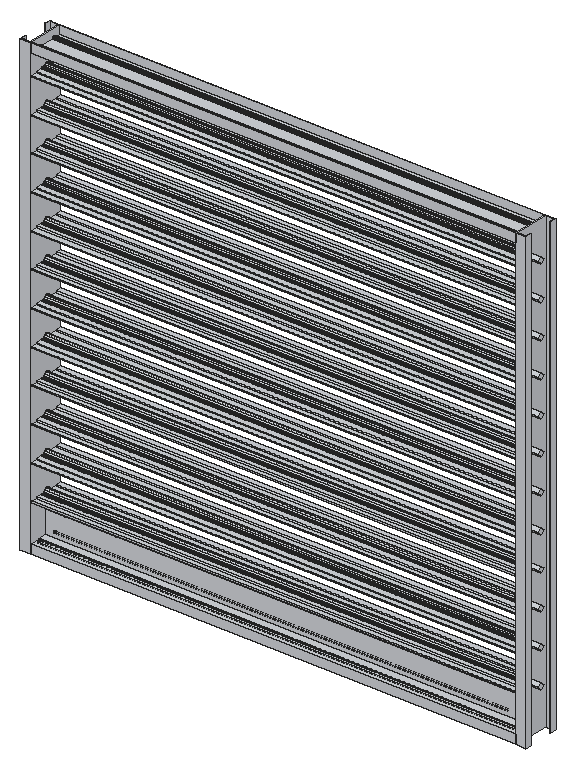
Revit family "CD-75,76", category Mechanical Equipment, Revit 2015
Parameters
  URL = "http://unitedenertech.com/catalog/pdf/A_2a%20Model%20CD-75.pdf"
  Type Comments = "Max. Single Section Size is (48\"w x 48\"h)"
  Model = "CD-75, CD-76"
  Manufacturer = "United Enertech Corporation"
  Keynote = "This model is only a representation of the product, blade position will vary from built dampers."
  Exact Width = 3' - 6"
  Exact Height = 3' - 2"
  Description = "Thinline Opposed / Parallel Blade Damper"
  Blade Spacing = 0' - 2 7/8"
  Blade Number [instance] = rounddown((Exact Height - 0' 2 11/32") / Blade Spacing)  # 12
  BW [instance] = Exact Width - 0' 2"  # 3' - 4"
Reference planes (in)
  plane 1 "Center (Front/Back)": y = 0
  plane 2: z = 0
  plane 3 "Center (Left/Right)": x = 0
  plane 4: x = -21
  plane 5: x = 21
  plane 6: z = 38
  plane 7: x = -20.125
  plane 8: x = 20.125
  plane 9: z = 2.3387
  plane 10: z = 35.6608
Forms (in)
  Extrusion 1, solid
    sketch origin (0, 9.63754, 10.19766) x (0, 1, 0) y (0, 0, 1)
      loop
        line (-6.57604, 27.80234) -> (-6.65604, 27.80234) -> (-6.65604, 27.13234) -> (-7.15372, 27.13234) -> (-7.13602, 27.17928) -> (-7.13415, 27.22986) -> (-7.15452, 27.29006) -> (-7.19545, 27.33604) -> (-7.25829, 27.28118)
        arc (-7.25829, 27.28118) -> (-7.29291, 27.13236) -> (-7.31997, 27.28273) r 0.078
        line (-7.31997, 27.28273) -> (-7.39627, 27.33883) -> (-7.43967, 27.26366) -> (-7.44868, 27.20128) -> (-7.42834, 27.13234) -> (-8.78522, 27.13234) -> (-8.76752, 27.17928) -> (-8.76565, 27.22986) -> (-8.78602, 27.29006) -> (-8.82695, 27.33604) -> (-8.88979, 27.28118)
        arc (-8.88979, 27.28118) -> (-8.92441, 27.13236) -> (-8.95147, 27.28273) r 0.078
        line (-8.95147, 27.28273) -> (-9.02777, 27.33883) -> (-9.07117, 27.26366) -> (-9.08018, 27.20128) -> (-9.05984, 27.13234) -> (-9.55754, 27.13234) -> (-9.55754, 27.80234) -> (-9.63754, 27.80234) -> (-9.63754, 27.05234) -> (-6.57604, 27.05234) -> (-6.57604, 27.80234)
    from -20.125 to 20.125
  Extrusion 2, solid
    sketch origin (0, 14.3044, 6.17833) x (0, 1, 0) y (0, 0, 1)
      loop
        line (-12.69265, 31.07167) -> (-13.44265, 31.07167) -> (-13.44265, 30.99167) -> (-12.77365, 30.99167) -> (-12.77365, 30.57267) -> (-12.69265, 30.57267) -> (-12.69265, 31.07167)
    from -20.125 to 20.125
  Extrusion 3, solid
    sketch origin (0, -6.57604, 25.80234) x (0, -1, 0) y (0, 0, -1)
      loop
        line (-9.55754, 25.80234) -> (-9.63754, 25.80234) -> (-9.63754, 25.05234) -> (-6.57604, 25.05234) -> (-6.57604, 25.80234) -> (-6.65604, 25.80234) -> (-6.65604, 25.13234) -> (-7.15372, 25.13234) -> (-7.13602, 25.17928) -> (-7.13415, 25.22986) -> (-7.15452, 25.29006) -> (-7.19545, 25.33604) -> (-7.25829, 25.28118)
        arc (-7.25829, 25.28118) -> (-7.29291, 25.13236) -> (-7.31997, 25.28273) r 0.078
        line (-7.31997, 25.28273) -> (-7.39627, 25.33883) -> (-7.43967, 25.26366) -> (-7.44868, 25.20128) -> (-7.42834, 25.13234) -> (-8.78522, 25.13234) -> (-8.76752, 25.17928) -> (-8.76565, 25.22986) -> (-8.78602, 25.29006) -> (-8.82695, 25.33604) -> (-8.88979, 25.28118)
        arc (-8.88979, 25.28118) -> (-8.92441, 25.13236) -> (-8.95147, 25.28273) r 0.078
        line (-8.95147, 25.28273) -> (-9.02777, 25.33883) -> (-9.07117, 25.26366) -> (-9.08018, 25.20128) -> (-9.05984, 25.13234) -> (-9.55754, 25.13234) -> (-9.55754, 25.80234)
    from -20.125 to 20.125
  Extrusion 4, solid
    sketch origin (0.80915, 41.8802, 0) x (0, 1, 0) y (-1, 0, 0)
      loop
        line (-41.3802, 21.80915) -> (-41.8802, 21.80915) -> (-41.8802, 20.93415) -> (-38.8182, 20.93415) -> (-38.8182, 21.80915) -> (-39.3182, 21.80915) -> (-39.3182, 21.72915) -> (-38.8982, 21.72915) -> (-38.8982, 21.01415) -> (-41.8002, 21.01415) -> (-41.8002, 21.72915) -> (-41.3802, 21.72915) -> (-41.3802, 21.80915)
    from 0 to 38
  Extrusion 5, solid
    sketch origin (-0.80915, 41.8802, 0) x (0, 1, 0) y (-1, 0, 0)
      loop
        line (-41.3802, -21.80915) -> (-41.3802, -21.72915) -> (-41.8002, -21.72915) -> (-41.8002, -21.01415) -> (-38.8982, -21.01415) -> (-38.8982, -21.72915) -> (-39.3182, -21.72915) -> (-39.3182, -21.80915) -> (-38.8182, -21.80915) -> (-38.8182, -20.93415) -> (-41.8802, -20.93415) -> (-41.8802, -21.80915) -> (-41.3802, -21.80915)
    from 0 to 38
  Extrusion 6, solid
    sketch origin (0, 54.18679, -8.92912) x (0, 1, 0) y (0, 0, 1)
      loop
        line (-52.65604, 9.67912) -> (-52.65604, 11.66638) -> (-52.73417, 11.66638) -> (-52.73417, 9.75725) -> (-53.40604, 9.75725) -> (-53.40604, 9.67912) -> (-52.65604, 9.67912)
    from -20.125 to 20.125
Dimensions and locks (in)
  equal spacing: plane 4, plane 3 "Center (Left/Right)", plane 5
  "Exact Width": plane 4 to plane 5
  "Exact Height": plane 6 to level
  locked: plane 8 to plane 5 at 0.875
  locked: plane 4 to plane 7 at 0.875
  locked: plane 9 to level at 2.3387
  locked: plane 6 to plane 10 at 2.3392
  equal spacing: group 1, group 2, group 3, group 4, group 5, group 6, group 7, group 8, group 9, group 10, group 11, group 12  (x2)
  equal spacing: group 12, group 11, group 10, group 9, group 8, group 7, group 6, group 5, group 4, group 3, group 2, group 1
  "Blade Spacing": nested 2 to nested 1
  aligned and locked: level to plane 2
  aligned and locked: plane 6 to Extrusion 1
  aligned and locked: Extrusion 2 to Extrusion 1
  aligned and locked: Extrusion 1 to plane 7
  aligned and locked: Extrusion 2 to plane 7
  aligned and locked: Extrusion 3 to plane 7
  aligned and locked: plane 8 to Extrusion 1
  aligned and locked: plane 8 to Extrusion 2
  aligned and locked: plane 8 to Extrusion 3
  aligned and locked: plane 6 to Extrusion 4
  aligned and locked: plane 6 to Extrusion 5
  aligned and locked: nested 1 to plane 10
  aligned and locked: Extrusion 6 to plane 7
  aligned and locked: plane 8 to Extrusion 6
Automatic sketch dimensions
  Extrusion 1 sketch curve to plane 1 "Center (Front/Back)" = 0' - 0"
  Extrusion 1 sketch curve to plane 6 = 0' - 0"  (x2)
  Extrusion 1 sketch curve to Extrusion 1 sketch curve = 0' - 0.08"  (x3)
  Extrusion 1 sketch curve to Extrusion 1 sketch curve = 0' - 0.47736"
  Extrusion 1 sketch curve to Extrusion 1 sketch curve = 0' - 0.00901"  (x2)
  Extrusion 1 sketch curve to Extrusion 1 sketch curve = 0' - 0.02034"  (x2)
  Extrusion 1 sketch curve to Extrusion 1 sketch curve = 0' - 0.0434"  (x2)
  Extrusion 1 sketch curve to Extrusion 1 sketch curve = 0' - 0.07629"  (x2)
  Extrusion 1 sketch curve to Extrusion 1 sketch curve = 0' - 0.02903"  (x2)
  Extrusion 1 sketch curve to Extrusion 1 sketch curve = 0' - 0.06168"  (x2)
  Extrusion 1 sketch curve to Extrusion 1 sketch curve = 0' - 0.06284"  (x2)
  Extrusion 1 sketch curve to Extrusion 1 sketch curve = 0' - 0.04093"  (x2)
  Extrusion 1 sketch curve to Extrusion 1 sketch curve = 0' - 0.00081"  (x2)
  Extrusion 1 sketch curve to Extrusion 1 sketch curve = 0' - 0.0177"  (x2)
  Extrusion 1 sketch curve to Extrusion 1 sketch curve = 0' - 0.00187"  (x2)
  Extrusion 1 sketch curve to plane 6 = 0' - 0.60106"
  Extrusion 1 sketch curve to Extrusion 1 sketch curve = 0' - 1.31697"
  Extrusion 1 sketch curve to plane 6 = 0' - 0.53868"
  Extrusion 1 sketch curve to plane 6 = 0' - 0.4635"
  Extrusion 1 sketch curve to plane 6 = 0' - 0.51961"
  Extrusion 1 sketch curve to plane 6 = 0' - 0.52116"
  Extrusion 1 sketch curve to plane 6 = 0' - 0.46629"
  Extrusion 1 sketch curve to plane 6 = 0' - 0.51228"
  Extrusion 1 sketch curve to plane 6 = 0' - 0.62306"
  Extrusion 1 sketch curve to plane 6 = 0' - 0.57247"
  Extrusion 1 sketch curve to Extrusion 1 sketch curve = 0' - 0.47999"
  Extrusion 1 sketch curve to plane 6 = 0' - 0.67"
  Extrusion 1 sketch curve to Extrusion 1 sketch curve = 0' - 0.06894"  (x2)
  Extrusion 1 sketch curve to Extrusion 1 sketch curve = 0' - 0.04694"  (x2)
  Extrusion 1 sketch curve to Extrusion 1 sketch curve = 0' - 0.078"
  Extrusion 1 sketch curve to Extrusion 1 sketch curve = 0' - 0.05059"
  Extrusion 1 sketch curve to Extrusion 1 sketch curve = 0' - 0.06238"
  Extrusion 1 sketch curve to Extrusion 1 sketch curve = 0' - 0.07084"
  Extrusion 1 sketch curve to Extrusion 1 sketch curve = 0' - 0.06019"
  Extrusion 1 sketch curve to Extrusion 1 sketch curve = 0' - 0.04599"
  Extrusion 1 sketch curve to Extrusion 1 sketch curve = 0' - 0.07517"
  Extrusion 2 sketch curve to plane 1 "Center (Front/Back)" = 0' - 0.86175"
  Extrusion 2 sketch curve to Extrusion 2 sketch curve = 0' - 0.669"
  Extrusion 2 sketch curve to Extrusion 2 sketch curve = 0' - 0.081"
  Extrusion 2 sketch curve to plane 6 = 0' - 1.249"
  Extrusion 2 sketch curve to Extrusion 2 sketch curve = 0' - 0.419"
  Extrusion 2 sketch curve to Extrusion 2 sketch curve = 0' - 0.08"
  Extrusion 3 sketch curve to level = 0' - 0"  (x2)
  Extrusion 3 sketch curve to plane 1 "Center (Front/Back)" = 0' - 0"
  Extrusion 3 sketch curve to plane 1 "Center (Front/Back)" = 0' - 0.08"
  Extrusion 3 sketch curve to Extrusion 3 sketch curve = 0' - 0.47811"
  Extrusion 3 sketch curve to Extrusion 3 sketch curve = 0' - 0.00187"  (x2)
  Extrusion 3 sketch curve to Extrusion 3 sketch curve = 0' - 0.0177"  (x2)
  Extrusion 3 sketch curve to Extrusion 3 sketch curve = 0' - 0.02037"  (x2)
  Extrusion 3 sketch curve to Extrusion 3 sketch curve = 0' - 0.04093"  (x2)
  Extrusion 3 sketch curve to Extrusion 3 sketch curve = 0' - 0.06284"  (x2)
  Extrusion 3 sketch curve to Extrusion 3 sketch curve = 0' - 0.03265"  (x2)
  Extrusion 3 sketch curve to Extrusion 3 sketch curve = 0' - 0.06168"  (x2)
  Extrusion 3 sketch curve to Extrusion 3 sketch curve = 0' - 0.07629"  (x2)
  Extrusion 3 sketch curve to Extrusion 3 sketch curve = 0' - 0.1374"  (x2)
  Extrusion 3 sketch curve to Extrusion 3 sketch curve = 0' - 0.0434"  (x2)
  Extrusion 3 sketch curve to Extrusion 3 sketch curve = 0' - 0.00901"  (x2)
  level to Extrusion 3 sketch curve = 0' - 0.57247"
  Extrusion 3 sketch curve to Extrusion 3 sketch curve = 0' - 1.31697"
  level to Extrusion 3 sketch curve = 0' - 0.62306"
  level to Extrusion 3 sketch curve = 0' - 0.51228"
  level to Extrusion 3 sketch curve = 0' - 0.46629"
  level to Extrusion 3 sketch curve = 0' - 0.52116"
  level to Extrusion 3 sketch curve = 0' - 0.51961"
  level to Extrusion 3 sketch curve = 0' - 0.4635"
  level to Extrusion 3 sketch curve = 0' - 0.67"
  level to Extrusion 3 sketch curve = 0' - 0.53868"
  level to Extrusion 3 sketch curve = 0' - 0.60106"
  Extrusion 3 sketch curve to Extrusion 3 sketch curve = 0' - 0.47736"
  Extrusion 3 sketch curve to Extrusion 3 sketch curve = 0' - 0.08"  (x2)
  Extrusion 3 sketch curve to Extrusion 3 sketch curve = 0' - 0.04694"  (x2)
  Extrusion 3 sketch curve to Extrusion 3 sketch curve = 0' - 0"
  Extrusion 3 sketch curve to Extrusion 3 sketch curve = 0' - 0.06894"
  Extrusion 3 sketch curve to Extrusion 3 sketch curve = 0' - 0.078"
  Extrusion 3 sketch curve to Extrusion 3 sketch curve = 0' - 0.05059"
  Extrusion 3 sketch curve to Extrusion 3 sketch curve = 0' - 0.06238"
  Extrusion 3 sketch curve to Extrusion 3 sketch curve = 0' - 0.07084"
  Extrusion 3 sketch curve to Extrusion 3 sketch curve = 0' - 0.06019"
  Extrusion 3 sketch curve to Extrusion 3 sketch curve = 0' - 0.04599"
  Extrusion 3 sketch curve to Extrusion 3 sketch curve = 0' - 0.07517"
  plane 1 "Center (Front/Back)" to Extrusion 4 sketch curve = 0' - 0"
  Extrusion 4 sketch curve to plane 4 = 0' - 0"  (x2)
  Extrusion 4 sketch curve to plane 1 "Center (Front/Back)" = 0' - 0.08"
  Extrusion 4 sketch curve to plane 4 = 0' - 0.08"  (x2)
  Extrusion 4 sketch curve to Extrusion 4 sketch curve = 0' - 0.42"  (x2)
  Extrusion 4 sketch curve to Extrusion 4 sketch curve = 0' - 2.062"
  Extrusion 4 sketch curve to Extrusion 4 sketch curve = 0' - 0.08"  (x2)
  Extrusion 4 sketch curve to Extrusion 4 sketch curve = 0' - 0.715"
  plane 1 "Center (Front/Back)" to Extrusion 5 sketch curve = 0' - 0"
  Extrusion 5 sketch curve to plane 5 = 0' - 0"  (x2)
  plane 1 "Center (Front/Back)" to Extrusion 5 sketch curve = 0' - 0.08"
  plane 5 to Extrusion 5 sketch curve = 0' - 0.08"  (x2)
  Extrusion 5 sketch curve to Extrusion 5 sketch curve = 0' - 0.42"  (x2)
  Extrusion 5 sketch curve to Extrusion 5 sketch curve = 0' - 2.062"
  Extrusion 5 sketch curve to Extrusion 5 sketch curve = 0' - 0.08"  (x2)
  Extrusion 5 sketch curve to Extrusion 5 sketch curve = 0' - 0.715"
  Extrusion 6 sketch curve to plane 9 = 0' - 1.5887"
  Extrusion 6 sketch curve to plane 1 "Center (Front/Back)" = 0' - 0.78075"
  Extrusion 6 sketch curve to Extrusion 6 sketch curve = 0' - 0 43/64"
  Extrusion 6 sketch curve to Extrusion 6 sketch curve = 0' - 0 5/64"  (x2)
  Extrusion 6 sketch curve to Extrusion 6 sketch curve = 0' - 1.90914"
Nested families (in)
  nested 1: "CD75 BLader" at (0, 5.84069, 29.3433), type "CD75 BLader"
    with Blade Width 3' - 4"
  nested 2: "CD75 BLader" at (0, 5.84069, 26.4683), type "CD75 BLader"
    with Blade Width 3' - 4"
  nested 3: "CD75 BLader" at (0, 5.84069, 23.5933), type "CD75 BLader"
    with Blade Width 3' - 4"
  nested 4: "CD75 BLader" at (0, 5.84069, 20.7183), type "CD75 BLader"
    with Blade Width 3' - 4"
  nested 5: "CD75 BLader" at (0, 5.84069, 17.8433), type "CD75 BLader"
    with Blade Width 3' - 4"
  nested 6: "CD75 BLader" at (0, 5.84069, 14.9683), type "CD75 BLader"
    with Blade Width 3' - 4"
  nested 7: "CD75 BLader" at (0, 5.84069, 12.0933), type "CD75 BLader"
    with Blade Width 3' - 4"
  nested 8: "CD75 BLader" at (0, 5.84069, 9.2183), type "CD75 BLader"
    with Blade Width 3' - 4"
  nested 9: "CD75 BLader" at (0, 5.84069, 6.3433), type "CD75 BLader"
    with Blade Width 3' - 4"
  nested 10: "CD75 BLader" at (0, 5.84069, 3.4683), type "CD75 BLader"
    with Blade Width 3' - 4"
  nested 11: "CD75 BLader" at (0, 5.84069, 0.5933), type "CD75 BLader"
    with Blade Width 3' - 4"
  nested 12: "CD75 BLader" at (0, 5.84069, -2.2817), type "CD75 BLader"
    with Blade Width 3' - 4"
Definition of nested family "CD75 BLader"
  Parameters (values of type "CD75 BLader")
    Blade Width = 3' - 0"
  Reference planes (in)
    plane 1 "Center (Front/Back)": y = 0
    plane 2: z = 0
    plane 3 "Center (Left/Right)": x = 0
    plane 4: x = -18
    plane 5: x = 18
    plane 6: x = 19
    plane 7: x = 16
    plane 8: x = -16
    plane 9: x = -19
  Forms (in)
    Extrusion 1, solid
      sketch origin (-6, 51.80693, -7.62323) x (0, 1, 0) y (0, 0, 1)
        loop
          line (-47.23775, 13.87439) -> (-47.49357, 14.13021) -> (-47.75282, 13.87095) -> (-47.497, 13.61513) -> (-47.23775, 13.87439)
      from -13 to -10
    Extrusion 2, solid
      sketch origin (-6, 50.91758, -8.22185) x (0, 1, 0) y (0, 0, 1)
        loop
          line (-48.1003, 14.5071) -> (-47.66394, 14.50971) -> (-47.59813, 14.4178) -> (-47.4354, 14.41262) -> (-47.06988, 14.40087) -> (-46.99851, 14.39444) -> (-46.92786, 14.37381) -> (-46.86294, 14.34002) -> (-46.8019, 14.29052) -> (-46.68434, 14.29052) -> (-46.85999, 14.46617) -> (-46.60422, 14.72883) -> (-46.34166, 14.47306) -> (-46.514, 14.29052) -> (-46.39657, 14.29052) -> (-46.35264, 14.33446) -> (-46.30525, 14.36599) -> (-46.22455, 14.39958) -> (-46.14706, 14.41308) -> (-45.64595, 14.44694) -> (-45.58265, 14.3587) -> (-45.10136, 14.36868) -> (-45.10136, 14.44958) -> (-45.5376, 14.44687) -> (-45.6035, 14.53936) -> (-46.04474, 14.53936) -> (-46.13325, 14.53936) -> (-46.20256, 14.54542) -> (-46.27563, 14.56656) -> (-46.35028, 14.60703) -> (-46.45022, 14.69753) -> (-46.54309, 14.80576) -> (-46.6043, 14.82858) -> (-46.65741, 14.81202) -> (-46.79349, 14.65639) -> (-46.8627, 14.59458) -> (-46.94738, 14.54997) -> (-47.0657, 14.52655) -> (-47.55597, 14.50993) -> (-47.61889, 14.59771) -> (-48.10084, 14.58789) -> (-48.1003, 14.5071)
      from -12 to 24
    Extrusion 3, solid
      sketch origin (24.5, 51.80693, -7.62323) x (0, 1, 0) y (0, 0, 1)
        loop
          line (-47.23775, 13.87439) -> (-47.49357, 14.13021) -> (-47.75282, 13.87095) -> (-47.497, 13.61513) -> (-47.23775, 13.87439)
      from -8.5 to -5.5
  Dimensions and locks (in)
    equal spacing: plane 4, plane 3 "Center (Left/Right)", plane 5
    "Blade Width": plane 4 to plane 5
    locked: plane 9 to plane 4 at 1
    locked: plane 4 to plane 8 at 2
    locked: plane 7 to plane 5 at 2
    locked: plane 5 to plane 6 at 1
    aligned and locked: level to plane 2
    aligned and locked: plane 5 to Extrusion 2
    aligned and locked: plane 4 to Extrusion 2
    aligned and locked: plane 9 to Extrusion 1
    aligned and locked: Extrusion 1 to plane 8
    aligned and locked: Extrusion 3 to plane 6
    aligned and locked: plane 7 to Extrusion 3
  Automatic sketch dimensions
    Extrusion 1 sketch curve to plane 1 "Center (Front/Back)" = 0' - 4.05411"
    Extrusion 1 sketch curve to Extrusion 1 sketch curve = 0' - 0.25582"  (x2)
    Extrusion 1 sketch curve to Extrusion 1 sketch curve = 0' - 0.25926"
    level to Extrusion 1 sketch curve = 0' - 5.9919"
    Extrusion 3 sketch curve to plane 1 "Center (Front/Back)" = 0' - 4.05411"
    Extrusion 3 sketch curve to Extrusion 3 sketch curve = 0' - 0.25582"  (x2)
    Extrusion 3 sketch curve to Extrusion 3 sketch curve = 0' - 0.25926"
    level to Extrusion 3 sketch curve = 0' - 5.9919"
    Extrusion 2 sketch curve to plane 1 "Center (Front/Back)" = 0' - 2.81675"
    Extrusion 2 sketch curve to Extrusion 2 sketch curve = 0' - 0.00053"
    Extrusion 2 sketch curve to Extrusion 2 sketch curve = 0' - 0.43637"
    Extrusion 2 sketch curve to Extrusion 2 sketch curve = 0' - 0.04504"
    Extrusion 2 sketch curve to Extrusion 2 sketch curve = 0' - 0.0658"
    Extrusion 2 sketch curve to Extrusion 2 sketch curve = 0' - 0.04216"
    Extrusion 2 sketch curve to Extrusion 2 sketch curve = 0' - 0.12058"
    Extrusion 2 sketch curve to Extrusion 2 sketch curve = 0' - 0.36552"
    Extrusion 2 sketch curve to Extrusion 2 sketch curve = 0' - 0.00418"
    Extrusion 2 sketch curve to Extrusion 2 sketch curve = 0' - 0.07137"
    Extrusion 2 sketch curve to Extrusion 2 sketch curve = 0' - 0.11832"
    Extrusion 2 sketch curve to Extrusion 2 sketch curve = 0' - 0.07065"
    Extrusion 2 sketch curve to Extrusion 2 sketch curve = 0' - 0.06492"
    Extrusion 2 sketch curve to Extrusion 2 sketch curve = 0' - 0.08468"
    Extrusion 2 sketch curve to Extrusion 2 sketch curve = 0' - 0.06787"
    Extrusion 2 sketch curve to Extrusion 2 sketch curve = 0' - 0.06104"
    Extrusion 2 sketch curve to Extrusion 2 sketch curve = 0' - 0.0692"
    Extrusion 2 sketch curve to Extrusion 2 sketch curve = 0' - 0.11757"
    Extrusion 2 sketch curve to Extrusion 2 sketch curve = 0' - 0.13608"
    Extrusion 2 sketch curve to Extrusion 2 sketch curve = 0' - 0.05312"
    Extrusion 2 sketch curve to Extrusion 2 sketch curve = 0' - 0.0532"
    Extrusion 2 sketch curve to Extrusion 2 sketch curve = 0' - 0.06121"
    Extrusion 2 sketch curve to Extrusion 2 sketch curve = 0' - 0.17034"
    Extrusion 2 sketch curve to Extrusion 2 sketch curve = 0' - 0.09287"
    Extrusion 2 sketch curve to Extrusion 2 sketch curve = 0' - 0.11743"
    Extrusion 2 sketch curve to Extrusion 2 sketch curve = 0' - 0.04393"  (x2)
    Extrusion 2 sketch curve to Extrusion 2 sketch curve = 0' - 0.09994"
    Extrusion 2 sketch curve to Extrusion 2 sketch curve = 0' - 0.00862"
    Extrusion 2 sketch curve to Extrusion 2 sketch curve = 0' - 0.04739"
    Extrusion 2 sketch curve to Extrusion 2 sketch curve = 0' - 0.07465"
    Extrusion 2 sketch curve to Extrusion 2 sketch curve = 0' - 0.0807"
    Extrusion 2 sketch curve to Extrusion 2 sketch curve = 0' - 0.07307"
    Extrusion 2 sketch curve to Extrusion 2 sketch curve = 0' - 0.07749"
    Extrusion 2 sketch curve to Extrusion 2 sketch curve = 0' - 0.50111"
    Extrusion 2 sketch curve to Extrusion 2 sketch curve = 0' - 0.04245"
    Extrusion 2 sketch curve to Extrusion 2 sketch curve = 0' - 0.0633"
    Extrusion 2 sketch curve to Extrusion 2 sketch curve = 0' - 0.04505"
    Extrusion 2 sketch curve to Extrusion 2 sketch curve = 0' - 0.43624"
    level to Extrusion 2 sketch curve = 0' - 6.06867"
    Extrusion 2 sketch curve to Extrusion 2 sketch curve = 0' - 0"
    Extrusion 2 sketch curve to Extrusion 2 sketch curve = 0' - 0.04949"
    Extrusion 2 sketch curve to Extrusion 2 sketch curve = 0' - 0.02425"
    Extrusion 2 sketch curve to Extrusion 2 sketch curve = 0' - 0.03154"
    Extrusion 2 sketch curve to Extrusion 2 sketch curve = 0' - 0.00997"
    Extrusion 2 sketch curve to Extrusion 2 sketch curve = 0' - 0.0338"
    Extrusion 2 sketch curve to Extrusion 2 sketch curve = 0' - 0.02062"
    Extrusion 2 sketch curve to Extrusion 2 sketch curve = 0' - 0.03359"
    Extrusion 2 sketch curve to Extrusion 2 sketch curve = 0' - 0.00644"
    Extrusion 2 sketch curve to Extrusion 2 sketch curve = 0' - 0.01175"
    Extrusion 2 sketch curve to Extrusion 2 sketch curve = 0' - 0.0135"
    Extrusion 2 sketch curve to Extrusion 2 sketch curve = 0' - 0.00517"
    Extrusion 2 sketch curve to Extrusion 2 sketch curve = 0' - 0.08817"
    Extrusion 2 sketch curve to Extrusion 2 sketch curve = 0' - 0.00006"
    Extrusion 2 sketch curve to Extrusion 2 sketch curve = 0' - 0.0809"
    Extrusion 2 sketch curve to Extrusion 2 sketch curve = 0' - 0.09236"
    Extrusion 2 sketch curve to Extrusion 2 sketch curve = 0' - 0.10706"
    Extrusion 2 sketch curve to Extrusion 2 sketch curve = 0' - 0.08931"
    Extrusion 2 sketch curve to Extrusion 2 sketch curve = 0' - 0.09191"
    Extrusion 2 sketch curve to Extrusion 2 sketch curve = 0' - 0.09213"
    Extrusion 2 sketch curve to Extrusion 2 sketch curve = 0' - 0.12568"
    Extrusion 2 sketch curve to Extrusion 2 sketch curve = 0' - 0.09242"
    Extrusion 2 sketch curve to Extrusion 2 sketch curve = 0' - 0 3/128"
    Extrusion 2 sketch curve to Extrusion 2 sketch curve = 0' - 0.02115"
    Extrusion 2 sketch curve to Extrusion 2 sketch curve = 0' - 0.08079"
    Extrusion 2 sketch curve to Extrusion 2 sketch curve = 0' - 0.04462"
    Extrusion 2 sketch curve to Extrusion 2 sketch curve = 0' - 0.088"
    Extrusion 2 sketch curve to Extrusion 2 sketch curve = 0' - 0.04047"
    Extrusion 2 sketch curve to Extrusion 2 sketch curve = 0' - 0.06181"
    Extrusion 2 sketch curve to Extrusion 2 sketch curve = 0' - 0.0905"
    Extrusion 2 sketch curve to Extrusion 2 sketch curve = 0' - 0.0313"
    Extrusion 2 sketch curve to Extrusion 2 sketch curve = 0' - 0.07693"
    Extrusion 2 sketch curve to Extrusion 2 sketch curve = 0' - 0.0832"
    Extrusion 2 sketch curve to Extrusion 2 sketch curve = 0' - 0.01655"
    Extrusion 2 sketch curve to Extrusion 2 sketch curve = 0' - 0.06931"
    Extrusion 2 sketch curve to Extrusion 2 sketch curve = 0' - 0.08851"
    Extrusion 2 sketch curve to Extrusion 2 sketch curve = 0' - 0.00606"
